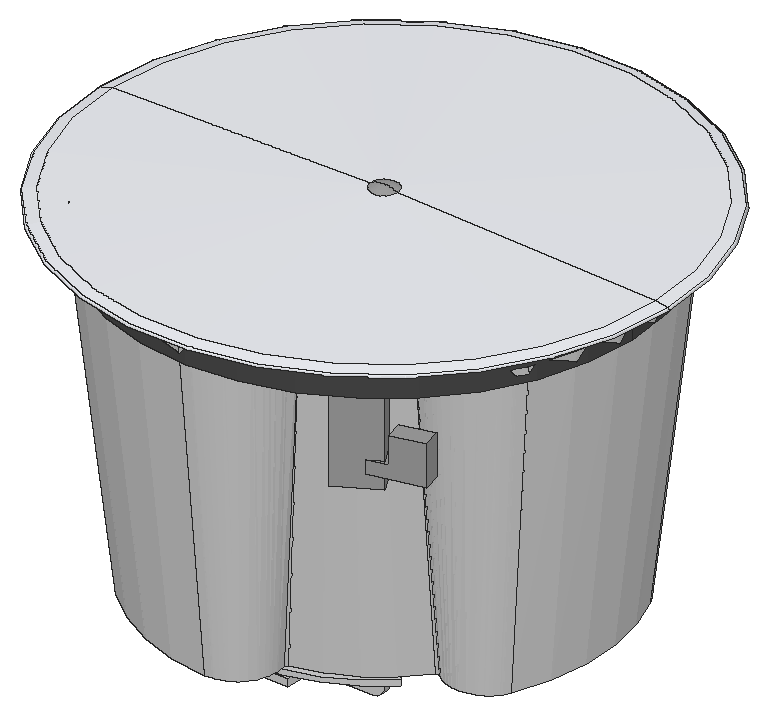
Revit family "FAP6260T", category Communication Devices, Revit 2014
Parameters (values of type "Two Way, Full Range, Coaxial Ceiling Loudspeaker")
  Width = 10.972"
  Warranty = "5 Year"
  Vertical Symmetry = yes
  URL = "www.atlassound.com"
  Transformer Option = yes
  Specification by User (default) = "TBD"
  Speaker Type = "S1"
  Speaker Listening Height [instance] = 30.000"
  Speaker Height [instance] = 120.000"
  Speaker Dispersion = 60.00°
  Speaker Cone Visible [instance] = no
  Speaker Cone Height [instance] = (Speaker Height - Speaker Listening Height)  # 90.000"
  Sensitivity = 92
  Seismic Rating = "Seismic Security Taps"
  ScheduleType |RF| = "AtlasIED Master"
  Safety Features = "Seismic Security Taps"
  Safety Agency Ratings = "UL Listed to Comply with UL1480, UL2043 and CSA60065. Suitable for Use in Air Handling Spaces per NFPA 70 and NFPA 90"
  SPL Max = 107
  Regulatory Compliance = "UL Listed to Comply with UL1480, UL2043 and CSA60065. Suitable for Use in Air Handling Spaces per NFPA 70 and NFPA 90"
  Radius of Speaker Cone [instance] = (Speaker Cone Height) * tan(Speaker Dispersion / 2)  # 51.96152"
  Product Page URL = "https://www.atlasied.com/fap6260t"
  Product Documentation Link = "https://www.atlasied.com/f/3210/ATS004633B%20FAP6260T%20Data%20Sheet.pdf"
  Power Rating (RMS) = "60 Watts"
  Power Handling = 60
  OmniClass Title = "SPEAKERS"
  OmniClass Number = "23-37 17 13 19"
  Mounting/Rigging Provisions = "Seismic Security Taps"
  Mount Material = QF_Plastic - White - Smooth
  Model = "FAP6260T"
  MaterFormat Title = "SPEAKERS"
  MasterFormat = "27 41 13"
  Manufacturer URL = "https://www.atlasied.com/"
  Manufacturer Phone = "(800) 876 - 3333"
  Manufacturer Email = "support@atlasied.com"
  Manufacturer Address = "4545 E. Baseline Rd., Phoenix, AZ 85042"
  Manufacturer = "ATLAS SOUND"
  Ingress Protection = "IP-21"
  Impedance = 0
  IQ Category = "SPEAKERS"
  Height = 8.080"
  HF Driver = "20mm Coaxial Horn-Loaded Silk Dome Tweeter"
  Grill Material = QF_Plastic - White - Smooth
  Frequency Response  = "63Hz – 20kHz (±7dB)"
  Family Version [instance] = "2017-01"
  Family Code (default) = "LOUD SPEAKERS"
  Enclosure Material = none
  Dispersion Angle = 60.00°
  Description = "6\" COAXIAL IN-CEILING LOUDSPEAKER WITH 60-WATT 70/100V TRANSFORMER AND PORTED ENCLOSURE"
  Coverage Vertical = 110.00°
  Coverage Horizontal = 110.00°
  Cost MSRP = 150.99
  Cost = 150.99
  Controls = "Front Mounted Tap Selector Switch."
  Color = none
  Body Material = QF_Metal - Stainless - Polished
  Baffle Material = none
  70V Taps = "3.8, 7.5, 15, 30, & 60 Watts  & 8Ω"
  100V Taps = "7.5, 15, 30, & 60 Watts  & 8Q Bypass. Primary taps (@70.7V)"
Reference planes (in)
  plane 1 "Center (Front/Back)": y = 0
  plane 2: z = 0
  plane 3 "Center (Left/Right)": x = 0
  plane 4: z = -8.08
  plane 5: y = 5.17184
  plane 6: y = 5.17184
  plane 7: z = -0.75
  plane 8: x = 5.486
  plane 9: x = -5.486
  plane 10: x = 4.7835
  plane 11: x = -4.7835
Forms (in)
  Revolve 1, solid, material "QF_Plastic - White - Smooth" <- "Grill Material"
    sketch origin (0, 0, 0) x (1, 0, 0) y (0, 0, 1)
      loop
        line (0, -0.75) -> (0, 0.21227) -> (0, 0.27446)
        arc (0, 0.27446) -> (-0.13096, 0.25367) -> (-0.25473, 0.20608) r 0.63365
        line (-0.25473, 0.20608) -> (-5.24112, 0.08501)
        arc (-5.24112, 0.08501) -> (-5.34982, 0.06162) -> (-5.45841, 0.03769) r 22.63754
        arc (-5.45841, 0.03769) -> (-5.4793, 0.02404) -> (-5.486, 0) r 0.03543
        line (-5.486, 0) -> (-4.7835, 0) -> (-4.7835, -0.75) -> (0, -0.75)
      axis (0, 0.27446) -> (0, -0.75)
    angle from 0 to 360
  Extrusion 2, solid, material "QF_Plastic - Black - Matte"
    sketch origin (0, 0, -0.75) x (0, 1, 0) y (1, 0, 0)
      loop
        line (0.40934, -4.23626) -> (0.40934, -3.82217) -> (-0.44066, -3.82217) -> (-0.44066, -4.23626) -> (0.40934, -4.23626)
      loop
        line (3.50799, 2.38037) -> (3.15304, 2.16709) -> (3.59083, 1.4385) -> (3.94578, 1.65177) -> (3.50799, 2.38037)
      loop
        line (-3.3314, 2.67318) -> (-3.76918, 1.94459) -> (-3.41423, 1.73132) -> (-2.97645, 2.45991) -> (-3.3314, 2.67318)
    from 0 to 1.85886
  SweptBlend 3, solid, material "QF_Metal - Stainless - Polished" <- "Body Material"
    path origin (0, 0, 0) x (1, 0, 0) y (0, 0, 1)
      loop
        line (0, -0.48766) -> (0, -6.495)
    profile origin (0, 0, -0.48766) x (0, -1, 0) y (1, 0, 0)
      loop
        arc (-2.87355, 2.5222) -> (-3.37575, 1.79564) -> (-3.69778, 0.97322) r 3.82233
        line (-3.69778, 0.97322) -> (-3.74922, 0.96599)
        arc (-3.74922, 0.96599) -> (-4.52491, 0.43837) -> (-4.7653, -0.46843) r 1.34159
        arc (-4.7653, -0.46843) -> (-4.06091, -2.53654) -> (-2.51088, -4.07625) r 4.78689
        arc (-2.51088, -4.07625) -> (-1.56697, -4.25179) -> (-0.74949, -3.74828) r 1.33454
        arc (-0.74949, -3.74828) -> (0.13201, -3.81988) -> (1.00637, -3.68696) r 3.82233
        arc (1.00637, -3.68696) -> (1.85697, -4.13222) -> (2.78634, -3.89127) r 1.33453
        arc (2.78634, -3.89127) -> (4.22518, -2.24719) -> (4.78359, -0.13497) r 4.78689
        arc (4.78359, -0.13497) -> (4.46366, 0.77024) -> (3.61887, 1.22644) r 1.33453
        arc (3.61887, 1.22644) -> (3.24012, 2.02565) -> (2.68783, 2.71641) r 3.82233
        arc (2.68783, 2.71641) -> (2.64814, 3.67568) -> (1.97478, 4.36006) r 1.33453
        arc (1.97478, 4.36006) -> (-0.16845, 4.7841) -> (-2.27689, 4.21159) r 4.78689
        arc (-2.27689, 4.21159) -> (-2.90087, 3.48191) -> (-2.87355, 2.5222) r 1.33454
    end profile origin (0, 0, -6.495) x (0, -1, 0) y (1, 0, 0)
      loop
        arc (-4.06279, -0.4557) -> (-3.47184, -2.15828) -> (-2.20604, -3.44113) r 4.08689
        arc (-2.20604, -3.44113) -> (-1.52448, -3.5066) -> (-1.07376, -2.99118) r 0.75
        arc (-1.07376, -2.99118) -> (-1.04881, -2.95891) -> (-1.00817, -2.95544) r 0.05074
        arc (-1.00817, -2.95544) -> (0.10757, -3.1203) -> (1.2091, -2.87801) r 3.12233
        arc (1.2091, -2.87801) -> (1.25253, -2.87862) -> (1.28157, -2.91091) r 0.05421
        arc (1.28157, -2.91091) -> (1.76829, -3.39025) -> (2.44181, -3.27607) r 0.75
        arc (2.44181, -3.27607) -> (3.60712, -1.91856) -> (4.08092, -0.19336) r 4.08689
        arc (4.08092, -0.19336) -> (3.79895, 0.42886) -> (3.12939, 0.56433) r 0.75
        arc (3.12939, 0.56433) -> (3.08637, 0.57034) -> (3.06158, 0.60601) r 0.05421
        arc (3.06158, 0.60601) -> (2.64649, 1.6547) -> (1.88589, 2.4875) r 3.12233
        arc (1.88589, 2.4875) -> (1.86469, 2.52545) -> (1.87815, 2.56679) r 0.05426
        arc (1.87815, 2.56679) -> (2.04985, 3.22796) -> (1.61421, 3.75412) r 0.75
        arc (1.61421, 3.75412) -> (-0.14648, 4.08444) -> (-1.87929, 3.63003) r 4.08689
        arc (-1.87929, 3.63003) -> (-2.27676, 3.07252) -> (-2.05575, 2.42447) r 0.75
        arc (-2.05575, 2.42447) -> (-2.04028, 2.38673) -> (-2.05759, 2.34979) r 0.05074
        arc (-2.05759, 2.34979) -> (-2.76854, 1.44644) -> (-3.10439, 0.34704) r 3.12233
        arc (-3.10439, 0.34704) -> (-3.79905, 0.20291) -> (-4.06279, -0.4557) r 0.75
  Extrusion 4, solid, material "QF_Plastic - Black - Matte"
    sketch origin (1.91407, -3.85434, -0.75) x (0.970296, 0.241922, 0) y (0, 0, 1)
      loop
        line (1.59203, -1.60852) -> (1.59203, -0.85852) -> (0.96703, -0.85852) -> (0.96703, -1.35852) -> (0.37358, -1.35852) -> (0.37358, -1.60852) -> (1.59203, -1.60852)
    from -0.2375 to -0.6125
  Extrusion 5, solid, material "QF_Plastic - Black - Matte"
    sketch origin (-4.68954, 0.50412, -0.75) x (-0.438371, 0.898794, 0) y (0, 0, -1)
      loop
        line (0.46763, 1.61) -> (-0.75083, 1.61) -> (-0.75083, 1.36) -> (-0.15737, 1.36) -> (-0.15737, 0.86) -> (0.46763, 0.86) -> (0.46763, 1.61)
    from -0.2375 to -0.6125
  Extrusion 6, solid, material "QF_Plastic - Black - Matte"
    sketch origin (1.60157, 4.04184, -0.75) x (0.970296, -0.241922, 0) y (0, 0, -1)
      loop
        line (1.59203, 1.60852) -> (0.37358, 1.60852) -> (0.37358, 1.35852) -> (0.96703, 1.35852) -> (0.96703, 0.85852) -> (1.59203, 0.85852) -> (1.59203, 1.60852)
    from -0.2375 to -0.6125
  Extrusion 7, solid, material "QF_Metal - Stainless - Polished"
    sketch origin (-6.66586, -180, -7.86874) x (-1, 0, 0) y (0, -1, 0)
      loop
        arc (-4.43618, -177.65197) -> (-6.65155, -176.73434) -> (-8.86692, -177.65197) r 3.133
        line (-8.86692, -177.65197) -> (-7.28455, -179.23434) -> (-6.01855, -179.23434) -> (-4.43618, -177.65197)
    from 1.37374 to 1.27559
  Extrusion 8, solid, material "QF_Metal - Stainless - Polished"
    sketch origin (0.36869, -0.76566, -7.86874) x (-1, 0, 0) y (0, 0, 1)
      loop
        line (1.016, 1.27559) -> (-0.26405, 1.27559) -> (-0.26405, 0.03874)
        arc (-0.26405, 0.03874) -> (-0.19083, -0.13804) -> (-0.01405, -0.21126) r 0.25
        line (-0.01405, -0.21126) -> (0.766, -0.21126)
        arc (0.766, -0.21126) -> (0.94278, -0.13804) -> (1.016, 0.03874) r 0.25
        line (1.016, 0.03874) -> (1.016, 1.27559)
      loop
        circle (0.37645, 0.1687) r 0.25
    from 0 to 0.13
  Extrusion 9, solid, material "QF_Metal - Stainless - Polished"
    sketch origin (-6.66586, -180, -6.59315) x (0, -1, 0) y (-1, 0, 0)
      loop
        line (-177.87354, -5.91901) -> (-177.86412, -7.41908) -> (-176.74282, -7.4121) -> (-176.75224, -5.91214) -> (-177.87354, -5.91901)
      loop
        line (-178.06464, -7.43003) -> (-178.07418, -5.91139) -> (-178.8591, -5.98561) -> (-178.85043, -7.36558) -> (-178.06464, -7.43003)
    from 0 to 0.13
  Blend 10, solid, material "Glass", visible <- "Speaker Cone Visible"
    base sketch origin (0, 0, 0) x (1, 0, 0) y (0, 1, 0)
      loop
        circle (0, 0.09521) r 51.96152
    top sketch origin (0, 0, 0) x (1, 0, 0) y (0, 1, 0)
      loop
        circle (0, 0.09521) r 0.13513
    from 90 <- "Speaker Cone Height" to 0
  Blend 11, solid, material "Glass", visible <- "Speaker Cone Visible"
    base sketch origin (0, 0, 0) x (1, 0, 0) y (0, 1, 0)
      loop
        circle (0, 0.09521) r 51.96152
    top sketch origin (0, 0, 0) x (1, 0, 0) y (0, 1, 0)
      loop
        circle (0, 0.09521) r 0.13513
    from 90 <- "Speaker Cone Height" to 0
Lines and regions (in)
  symbolic lines
    curve 1: circle (0, 0, 0) r 5.486 normal (0, 0, 1)
    curve 2: circle (0, 0, 0) r 0.25473 normal (0, 0, 1)
  symbolic lines, style "Sound Projection Average", visible <- "Speaker Cone Visible"
    curve 3: circle (0, 0.09521, 0) r 51.96152 normal (0, 0, 1)
Dimensions and locks (in)
  "Height": plane 2 to plane 4
  level to plane 7 = 0.750"
  plane 5 to plane 6 = 0.000"
  "Width": plane 9 to plane 8
  plane 9 to plane 8 = 10.972"
  "Radius of Speaker Cone": radius of Blend 10 sketch curve
  "Radius of Speaker Cone": radius of Blend 11 sketch curve
  aligned and locked: plane 2 to level
  aligned and locked: curve 3 to Blend 11
Automatic sketch dimensions
  Revolve 1 sketch curve to level = 0.000"
  plane 9 to Revolve 1 sketch curve = 0.000"
  plane 11 to Revolve 1 sketch curve = 0.000"
  Revolve 1 sketch curve to plane 3 "Center (Left/Right)" = 0.000"  (x2)
  Revolve 1 sketch curve to plane 7 = 0.000"
  level to Revolve 1 sketch curve = 0.00311"
  Revolve 1 sketch curve to plane 9 = 0.0353"
  level to Revolve 1 sketch curve = 0.08501"
  Revolve 1 sketch curve to Revolve 1 sketch curve = 0.20958"
  Revolve 1 sketch curve to plane 3 "Center (Left/Right)" = 0.53365"
  Revolve 1 sketch curve to plane 3 "Center (Left/Right)" = 0.25473"
  plane 3 "Center (Left/Right)" to Revolve 1 sketch curve = 0.03331"
  Revolve 1 sketch curve to level = 0.35831"
  level to Revolve 1 sketch curve = 0.20608"
  Revolve 1 sketch curve to Revolve 1 sketch curve = 0.06219"
  Revolve 1 sketch curve to Revolve 1 sketch curve = 2.58748"
  Revolve 1 sketch curve to Revolve 1 sketch curve = 0.250"
  Extrusion 2 sketch curve to Revolve 1 = 3.76918"
  Extrusion 2 sketch curve to Extrusion 2 sketch curve = 0.35495"  (x2)
  Extrusion 2 sketch curve to Extrusion 2 sketch curve = 0.43778"  (x2)
  Extrusion 2 sketch curve to Revolve 1 = 0.44066"
  Revolve 1 to Extrusion 2 sketch curve = 0.40934"
  Revolve 1 to Extrusion 2 sketch curve = 3.15304"
  Extrusion 2 sketch curve to Extrusion 2 sketch curve = 0.21328"  (x2)
  Extrusion 2 sketch curve to Extrusion 2 sketch curve = 0.07954"
  Extrusion 2 sketch curve to Extrusion 2 sketch curve = 5.26066"
  Extrusion 2 sketch curve to Extrusion 2 sketch curve = 0.4141"
  SweptBlend 3 sketch curve to plane 3 "Center (Left/Right)" = 0.000"
  plane 4 to SweptBlend 3 sketch curve = 1.585"
  plane 7 to SweptBlend 3 sketch curve = 0.26234"
  SweptBlend 3 sketch curve to SweptBlend 3 sketch curve = 0.000"  (x80)
  SweptBlend 3 sketch curve to profile plane = 0.96599"
  SweptBlend 3 sketch curve to profile plane = 3.74922"
  SweptBlend 3 sketch curve to profile plane = 0.97322"
  SweptBlend 3 sketch curve to SweptBlend 3 sketch curve = 0.05144"
  profile plane to SweptBlend 3 sketch curve = 0.33711"
  SweptBlend 3 sketch curve to SweptBlend 3 sketch curve = 0.26763"
  SweptBlend 3 sketch curve to profile plane = 1.81126"
  SweptBlend 3 sketch curve to profile plane = 1.6425"
  SweptBlend 3 sketch curve to profile plane = 0.00012"  (x2)
  SweptBlend 3 sketch curve to profile plane = 0.00139"  (x2)
  profile plane to SweptBlend 3 sketch curve = 1.42385"
  profile plane to SweptBlend 3 sketch curve = 2.00915"
  profile plane to SweptBlend 3 sketch curve = 0.09731"
  SweptBlend 3 sketch curve to SweptBlend 3 sketch curve = 1.44044"
  profile plane to SweptBlend 3 sketch curve = 2.80639"
  profile plane to SweptBlend 3 sketch curve = 2.9398"
  SweptBlend 3 sketch curve to SweptBlend 3 sketch curve = 2.06425"
  SweptBlend 3 sketch curve to SweptBlend 3 sketch curve = 0.10709"
  SweptBlend 3 sketch curve to SweptBlend 3 sketch curve = 1.23105"
  SweptBlend 3 sketch curve to profile plane = 0.74949"
  profile plane to SweptBlend 3 sketch curve = 1.00637"
  SweptBlend 3 sketch curve to SweptBlend 3 sketch curve = 1.26399"
  SweptBlend 3 sketch curve to profile plane = 1.22644"
  profile plane to SweptBlend 3 sketch curve = 0.37205"
  SweptBlend 3 sketch curve to profile plane = 3.31747"
  SweptBlend 3 sketch curve to profile plane = 2.09101"
  SweptBlend 3 sketch curve to profile plane = 1.80145"
  SweptBlend 3 sketch curve to SweptBlend 3 sketch curve = 0.55634"
  SweptBlend 3 sketch curve to SweptBlend 3 sketch curve = 0.77692"
  profile plane to SweptBlend 3 sketch curve = 1.23012"
  profile plane to SweptBlend 3 sketch curve = 1.31772"
  SweptBlend 3 sketch curve to SweptBlend 3 sketch curve = 0.60096"
  SweptBlend 3 sketch curve to SweptBlend 3 sketch curve = 0.76333"
  SweptBlend 3 sketch curve to profile plane = 0.61653"
  SweptBlend 3 sketch curve to SweptBlend 3 sketch curve = 1.19607"
  profile plane to SweptBlend 3 sketch curve = 0.15786"
  SweptBlend 3 sketch curve to SweptBlend 3 sketch curve = 0.217"
  profile plane to SweptBlend 3 sketch curve = 2.67485"
  profile plane to SweptBlend 3 sketch curve = 2.80962"
  SweptBlend 3 sketch curve to SweptBlend 3 sketch curve = 0.25313"
  SweptBlend 3 sketch curve to SweptBlend 3 sketch curve = 0.19385"
  SweptBlend 3 sketch curve to profile plane = 2.38798"
  SweptBlend 3 sketch curve to SweptBlend 3 sketch curve = 1.9142"
  SweptBlend 3 sketch curve to SweptBlend 3 sketch curve = 0.57591"
  SweptBlend 3 sketch curve to SweptBlend 3 sketch curve = 0.53448"
  profile plane to SweptBlend 3 sketch curve = 0.4557"
  SweptBlend 3 sketch curve to profile plane = 0.34704"
  Extrusion 4 sketch curve to plane 7 = 1.60852"
  Extrusion 4 sketch curve to Extrusion 4 sketch curve = 0.59345"
  Extrusion 4 sketch curve to Extrusion 4 sketch curve = 0.625"
  Extrusion 4 sketch curve to Extrusion 4 sketch curve = 0.250"
  Extrusion 4 sketch curve to Extrusion 4 sketch curve = 0.750"
  Extrusion 5 sketch curve to plane 7 = 1.610"
  Extrusion 5 sketch curve to Extrusion 5 sketch curve = 0.59345"
  Extrusion 5 sketch curve to Extrusion 5 sketch curve = 0.625"
  Extrusion 5 sketch curve to Extrusion 5 sketch curve = 0.250"
  Extrusion 5 sketch curve to Extrusion 5 sketch curve = 0.500"
  Extrusion 6 sketch curve to plane 7 = 1.60852"
  Extrusion 6 sketch curve to Extrusion 6 sketch curve = 0.59345"
  Extrusion 6 sketch curve to Extrusion 6 sketch curve = 0.625"
  Extrusion 6 sketch curve to Extrusion 6 sketch curve = 0.250"
  Extrusion 6 sketch curve to Extrusion 6 sketch curve = 0.500"
  Revolve 1 sketch curve to plane 4 = 13.97766"
  plane 3 "Center (Left/Right)" to Extrusion 7 sketch curve = 2.20105"
  plane 3 "Center (Left/Right)" to Extrusion 7 sketch curve = 0.61869"
  Extrusion 7 sketch curve to plane 3 "Center (Left/Right)" = 0.01431"
  Extrusion 7 sketch curve to plane 3 "Center (Left/Right)" = 0.64731"
  Extrusion 7 sketch curve to plane 3 "Center (Left/Right)" = 2.22968"
  plane 1 "Center (Front/Back)" to Extrusion 7 sketch curve = 0.13266"
  plane 1 "Center (Front/Back)" to Extrusion 7 sketch curve = 0.76566"
  Extrusion 7 sketch curve to Extrusion 7 sketch curve = 1.58237"
  Extrusion 8 sketch curve to Extrusion 7 = 0.000"  (x2)
  Extrusion 8 sketch curve to Extrusion 8 sketch curve = 0.250"
  Extrusion 8 sketch curve to Extrusion 8 sketch curve = 0.38955"
  Extrusion 7 to Extrusion 8 sketch curve = 0.23595"
  Extrusion 8 sketch curve to Extrusion 7 = 0.01405"
  Extrusion 8 sketch curve to Extrusion 7 = 1.10689"
  Extrusion 8 sketch curve to Extrusion 8 sketch curve = 0.12996"
  Extrusion 7 to Extrusion 9 sketch curve = 0.37524"
  Extrusion 7 to Extrusion 9 sketch curve = 0.38391"
  Extrusion 9 sketch curve to Extrusion 9 sketch curve = 0.78492"
  Extrusion 9 sketch curve to Extrusion 9 sketch curve = 0.78579"
  Extrusion 9 sketch curve to Extrusion 9 sketch curve = 0.20064"
  Extrusion 9 sketch curve to Extrusion 9 sketch curve = 0.20052"
  Extrusion 9 sketch curve to Extrusion 9 sketch curve = 1.1213"  (x2)
  Extrusion 7 to Extrusion 9 sketch curve = 0.74459"
  Extrusion 9 sketch curve to Extrusion 9 sketch curve = 0.00075"
  Extrusion 9 sketch curve to Extrusion 9 sketch curve = 0.00762"
  Extrusion 9 sketch curve to Extrusion 9 sketch curve = 0.07422"
  Extrusion 9 sketch curve to Extrusion 9 sketch curve = 1.37997"
  Extrusion 9 sketch curve to Extrusion 9 sketch curve = 1.49996"
  Extrusion 9 sketch curve to Extrusion 9 sketch curve = 0.05349"
  Extrusion 9 sketch curve to Extrusion 9 sketch curve = 0.01095"
  Blend 10 sketch curve to plane 3 "Center (Left/Right)" = 0.000"  (x2)
  Blend 10 sketch curve to plane 1 "Center (Front/Back)" = 0.09521"  (x2)
  Blend 11 sketch curve to plane 3 "Center (Left/Right)" = 0.000"  (x2)
  Blend 11 sketch curve to plane 1 "Center (Front/Back)" = 0.09521"  (x2)
  curve 1 to curve 2 = 0.000"  (x2)
  plane 1 "Center (Front/Back)" to curve 2 = 0.000"
  curve 2 to plane 3 "Center (Left/Right)" = 0.000"
  radius of Extrusion 8 sketch curve = 0.250"
  radius of Blend 10 sketch curve = 0.13513"
  radius of Blend 11 sketch curve = 0.13513"
  radius of curve 1 = 5.486"
  radius of curve 2 = 0.25473"
Nested families (in)
  nested 1: "Speaker Annotation" at (0, 0, 0), Speaker Type <- "Speaker Type", type "Data Annotation"
    with Speaker Type "S1"
Definition of nested family "Speaker Annotation"
  Parameters (values of type "Data Annotation")
    Speaker Type [instance] = ""
  Reference planes (in)
    plane 1: y = 0
    plane 2: x = 0
  Lines and regions (in)
    detail lines, style "Data Device"
      curve 1: circle (-0.00295, 0.00032, 0) r 0.09489 normal (0, 0, 1)
  Text (in)
    label "S1" at (0.00193, -0.00496, 0), shows "Speaker Type"
